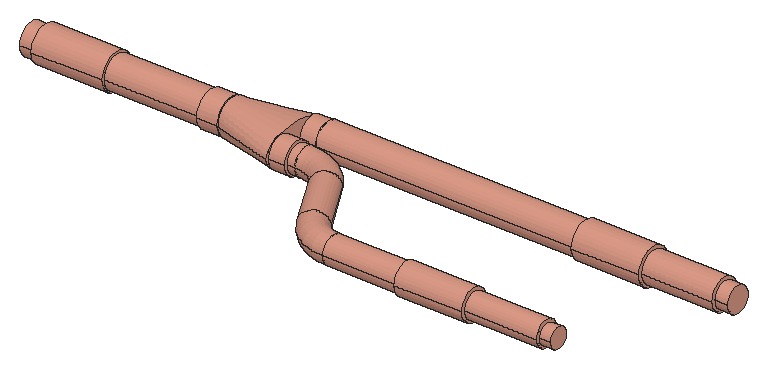
Revit family "outputfile", category 配管付属品, Revit 2024
Family settings
  丸型コネクタ寸法 = 半径を使用
  パーツ タイプ = 標準
  OmniClass 番号 = 23.65.55.00
  OmniClass タイトル = Distribution of Supplied Liquids/Gases
  作業面ベース = いいえ
  常に垂直 = はい
  ロード時にボイドで切り取り = いいえ
  共有 = いいえ
Parameters (values of type "KHRP25A33T")
  Description = ""
  製造元 = "Daikin"
  書き出し IFC クラス(タイプ) = "IfcPipeFittingType"
  定義済み IFC タイプ(タイプ) = "JUNCTION"
  Cost = 0
  Type Comments = ""
  Keynote = ""
  Type Image = (empty or 0)
  Assembly Code = ""
  mm⇔inch [instance] = yes
  Default Elevation = 0.0 mm
  モデル = "KHRP25A33T"
  table_StraightPipe [instance] = if(mm⇔inch, "Refnet Joint_KHRP25A-T_HPLPGas_StraightPipe", "Refnet Joint_KHRP25A-T_HPLPGas_StraightPipe_inch")  # "Refnet Joint_KHRP25A-T_HPLPGas_StraightPipe"
  table_BranchPipe [instance] = if(mm⇔inch, "Refnet Joint_KHRP25A-T_HPLPGas_BranchPipe", "Refnet Joint_KHRP25A-T_HPLPGas_BranchPipe_inch")  # "Refnet Joint_KHRP25A-T_HPLPGas_BranchPipe"
  table_Inlet [instance] = if(mm⇔inch, "Refnet Joint_KHRP25A-T_HPLPGas_Inlet", "Refnet Joint_KHRP25A-T_HPLPGas_Inlet_inch")  # "Refnet Joint_KHRP25A-T_HPLPGas_Inlet"
  switch_StraightPipe_Reducer [instance] = if(Is_StraightPipe Reducer = 1, 1 = 1, 1 = 0)  # no
  switch_StraightPipe3 [instance] = if(number_StraightPipe = 3, 1 = 1, 1 = 0)  # yes
  switch_StraightPipe2 [instance] = if(number_StraightPipe < 2, 1 = 0, 1 = 1)  # yes
  switch_BranchPipe_Reducer [instance] = if(Is_BranchPipe Reducer = 1, 1 = 1, 1 = 0)  # no
  switch_BranchPipe3 [instance] = if(number_BranchPipe = 3, 1 = 1, 1 = 0)  # yes
  switch_BranchPipe2 [instance] = if(number_BranchPipe < 2, 1 = 0, 1 = 1)  # yes
  switch_Inlet pipe_Reducer [instance] = if(Is_Inlet Reducer = 1, 1 = 1, 1 = 0)  # no
  switch_Inlet pipe3 [instance] = if(number_InletPipe = 3, 1 = 1, 1 = 0)  # no
  switch_Inlet pipe2 [instance] = if(number_InletPipe < 2, 1 = 0, 1 = 1)  # yes
  Uniclass2015Version = "Products v1.31"
  Uniclass2015Title = "Copper pipe fittings"
  Uniclass2015Code = "Pr_65_52_63_18"
  URL = ""
  StraightPipe_HP/LP Gas_ActualDiameter [instance] = 12.7 mm
  Material_Piping = DAIKIN_Copper_Pipe
  Material_Insulation = DAIKIN_White_Insulation
  lw_Insulation [instance] = size_lookup(table_Inlet, "lw_Insulation", 60.0 mm, モデル)  # 54.5 mm
  Unit Type = "KHRP25A-T_HPLPGas"
  Tag No. [instance] = ""
  StraightPipe_HP/LP Gas_Status [instance] = size_lookup(table_StraightPipe, "Information", "The connected pipe size is not available.", モデル, [StraightPipe_HP/LP Gas_ActualDiameter])  # "Default connector size is used."
  Link_Nested Family [instance] = ""
  Inlet_HP/LP Gas_Actual Diameter [instance] = 15.9 mm
  IfcVersion = ""
  IfcExportType = "JUNCTION"
  IfcExportAs = "IfcPipeFittingType"
  BranchPipe_HP/LP Gas_Status [instance] = size_lookup(table_BranchPipe, "Information", "The connected pipe size is not available.", モデル, [BranchPipe_HP/LP Gas_ActualDiameter])  # "Default connector size is used."
  Inlet_HP/LP Gas_Status [instance] = size_lookup(table_Inlet, "Information", "The connected pipe size is not available.", モデル, [Inlet_HP/LP Gas_Actual Diameter])  # "Default connector size is used."
  Series = "Refnet Joint"
  O.R_dividePipe_Inlet [instance] = (I.D_InletPipe1 + 2.0 mm) / 2  # 10.55 mm
  r_StraightPipe_Connector [instance] = [StraightPipe_HP/LP Gas_ActualDiameter] / 2  # 6.35 mm
  r_BranchPipe_Connector [instance] = [BranchPipe_HP/LP Gas_ActualDiameter] / 2  # 4.75 mm
  r_Inlet_Connector [instance] = [Inlet_HP/LP Gas_Actual Diameter] / 2  # 7.95 mm
  number_StraightPipe [instance] = size_lookup(table_StraightPipe, "pipeNumber", 3, モデル, [StraightPipe_HP/LP Gas_ActualDiameter])  # 3
  number_BranchPipe [instance] = size_lookup(table_BranchPipe, "pipeNumber", 2, モデル, [BranchPipe_HP/LP Gas_ActualDiameter])  # 3
  number_InletPipe [instance] = size_lookup(table_Inlet, "pipeNumber", 2, モデル, [Inlet_HP/LP Gas_Actual Diameter])  # 2
  r_BranchPipeR [instance] = size_lookup(table_BranchPipe, "r_offsetPipeR", 20.0 mm, モデル, [BranchPipe_HP/LP Gas_ActualDiameter])  # 25.0 mm
  l_BranchPipe_Straight2 [instance] = size_lookup(table_BranchPipe, "L_offsetPipe2", 40.0 mm, モデル)  # 43.0 mm
  l_BranchPipe_Straight1 [instance] = size_lookup(table_BranchPipe, "L_offsetPipe1", 5.5 mm, モデル)  # 5.0 mm
  l_BranchPipe connector [instance] = size_lookup(table_BranchPipe, "Length", 165.0 mm, モデル, [BranchPipe_HP/LP Gas_ActualDiameter])  # 210.0 mm
  l_inlet connector [instance] = size_lookup(table_Inlet, "Length", 97.0 mm, モデル, [Inlet_HP/LP Gas_Actual Diameter])  # 118.0 mm
  l_dividePipe [instance] = size_lookup(table_Inlet, "L_devidePipe", 38.0 mm, モデル)  # 38.0 mm
  l_StraightPipeReducer [instance] = size_lookup(table_StraightPipe, "L_Reducer", 100.0 mm, モデル, [StraightPipe_HP/LP Gas_ActualDiameter])  # 100.0 mm
  l_StraightPipe3 [instance] = size_lookup(table_StraightPipe, "L_Pipe3", 8.0 mm, モデル)  # 8.0 mm
  l_StraightPipe2 [instance] = size_lookup(table_StraightPipe, "L_Pipe2", 42.0 mm, モデル)  # 42.0 mm
  l_StraightPipe1 [instance] = size_lookup(table_StraightPipe, "L_Pipe1", 40.0 mm, モデル)  # 40.0 mm
  l_StraightPipe0 [instance] = size_lookup(table_StraightPipe, "L_Pipe0", 105.0 mm, モデル)  # 152.0 mm
  l_StraightPipe connector [instance] = size_lookup(table_StraightPipe, "Length", 205.0 mm, モデル, [StraightPipe_HP/LP Gas_ActualDiameter])  # 252.0 mm
  l_BranchPipe Reducer [instance] = size_lookup(table_BranchPipe, "L_Reducer", 80.0 mm, モデル, [BranchPipe_HP/LP Gas_ActualDiameter])  # 80.0 mm
  l_BranchPipe3 [instance] = size_lookup(table_BranchPipe, "L_Pipe3", 2.0 mm, モデル)  # 7.0 mm
  l_BranchPipe2 [instance] = size_lookup(table_BranchPipe, "L_Pipe2", 7.0 mm, モデル)  # 43.0 mm
  l_BranchPipe1 [instance] = size_lookup(table_BranchPipe, "L_Pipe1", 43.0 mm, モデル)  # 40.0 mm
  l_BranchPipe0 [instance] = size_lookup(table_BranchPipe, "L_Pipe0", 105.0 mm, モデル)  # 110.0 mm
  l_InletReducer [instance] = size_lookup(table_Inlet, "L_Reducer", 60.0 mm, モデル, [Inlet_HP/LP Gas_Actual Diameter])  # 60.0 mm
  l_InletPipe3 [instance] = size_lookup(table_Inlet, "L_Pipe3", 2.0 mm, モデル)  # 2.0 mm
  l_InletPipe2 [instance] = size_lookup(table_Inlet, "L_Pipe2", 8.0 mm, モデル)  # 8.0 mm
  l_InletPipe1 [instance] = size_lookup(table_Inlet, "L_Pipe1", 42.0 mm, モデル)  # 42.0 mm
  l_InletPipe0 [instance] = size_lookup(table_Inlet, "L_Pipe0", 35.0 mm, モデル)  # 56.0 mm
  center_StraightPipe [instance] = size_lookup(table_StraightPipe, "center_Pipe", 8.5 mm, モデル)  # 11.5 mm
  center_BranchPipe2 [instance] = size_lookup(table_BranchPipe, "center_OffsetPipe", 71.5 mm, モデル)  # 68.5 mm
  center_BranchPipe1 [instance] = size_lookup(table_BranchPipe, "center_Pipe", 8.5 mm, モデル)  # 11.5 mm
  StraightPipe_HP/LP Gas_AvailableDiameter [instance] = size_lookup(table_StraightPipe, "sizeVariation", "", モデル)  # "12.7/15.9/19.1mm"
  BranchPipe_HP/LP Gas_AvailableDiameter [instance] = size_lookup(table_BranchPipe, "sizeVariation", "", モデル)  # "9.5/12.7/15.9mm"
  Inlet_HP/LP Gas_Available Diameter [instance] = size_lookup(table_Inlet, "sizeVariation", "", モデル)  # "15.9/19.1mm"
  O.D_StraightPipe Reducer [instance] = size_lookup(table_StraightPipe, "O.D_reducer", 2.0 mm, モデル, [StraightPipe_HP/LP Gas_ActualDiameter])  # 2.0 mm
  O.D_Offset Outlet Reducer [instance] = size_lookup(table_BranchPipe, "O.D_reducer", 2.0 mm, モデル, [BranchPipe_HP/LP Gas_ActualDiameter])  # 2.0 mm
  O.D_Inlet Reducer [instance] = size_lookup(table_Inlet, "O.D_reducer", 2.0 mm, モデル, [Inlet_HP/LP Gas_Actual Diameter])  # 2.0 mm
  Is_StraightPipe Reducer [instance] = size_lookup(table_StraightPipe, "IsReducer", 0, モデル, [StraightPipe_HP/LP Gas_ActualDiameter])  # 0
  Is_BranchPipe Reducer [instance] = size_lookup(table_BranchPipe, "IsReducer", 0, モデル, [BranchPipe_HP/LP Gas_ActualDiameter])  # 0
  Is_Inlet Reducer [instance] = size_lookup(table_Inlet, "IsReducer", 0, モデル, [Inlet_HP/LP Gas_Actual Diameter])  # 0
  BranchPipe_HP/LP Gas_ActualDiameter [instance] = 9.5 mm
  Attach_Insulation [instance] = no
  I.D_StraightPipe3 [instance] = size_lookup(table_StraightPipe, "I.D_PipeSize3", 9.5 mm, モデル)  # 12.7 mm
  I.D_StraightPipe2 [instance] = size_lookup(table_StraightPipe, "I.D_PipeSize2", 12.7 mm, モデル)  # 15.9 mm
  I.D_StraightPipe1 [instance] = size_lookup(table_StraightPipe, "I.D_PipeSize1", 15.9 mm, モデル)  # 19.1 mm
  I.D_StraightPipe0 [instance] = size_lookup(table_StraightPipe, "I.D_PipeSize0", 13.9 mm, モデル)  # 17.1 mm
  I.D_BranchPipe3 [instance] = size_lookup(table_BranchPipe, "I.D_PipeSize3", 2.0 mm, モデル)  # 9.5 mm
  I.D_BranchPipe2 [instance] = size_lookup(table_BranchPipe, "I.D_PipeSize2", 9.5 mm, モデル)  # 12.7 mm
  I.D_BranchPipe1 [instance] = size_lookup(table_BranchPipe, "I.D_PipeSize1", 12.7 mm, モデル)  # 15.9 mm
  I.D_BranchPipe0 [instance] = size_lookup(table_BranchPipe, "I.D_PipeSize0", 10.7 mm, モデル)  # 13.9 mm
  I.D_Straight Reducer [instance] = size_lookup(table_StraightPipe, "I.D_reducer", 2.0 mm, モデル, [StraightPipe_HP/LP Gas_ActualDiameter])  # 2.0 mm
  I.D_OutletPipe [instance] = size_lookup(table_Inlet, "I.D_OutletPipeSize", 13.3 mm, モデル, [Inlet_HP/LP Gas_Actual Diameter])  # 16.3 mm
  I.D_Branch Reducer [instance] = size_lookup(table_BranchPipe, "I.D_reducer", 2.0 mm, モデル, [BranchPipe_HP/LP Gas_ActualDiameter])  # 2.0 mm
  I.D_Inlet Reducer [instance] = size_lookup(table_Inlet, "I.D_reducer", 2.0 mm, モデル, [Inlet_HP/LP Gas_Actual Diameter])  # 2.0 mm
  I.D_InletPipe3 [instance] = size_lookup(table_Inlet, "I.D_PipeSize3", 2.0 mm, モデル)  # 2.0 mm
  I.D_InletPipe2 [instance] = size_lookup(table_Inlet, "I.D_PipeSize2", 12.7 mm, モデル)  # 15.9 mm
  I.D_InletPipe1 [instance] = size_lookup(table_Inlet, "I.D_PipeSize1", 15.9 mm, モデル)  # 19.1 mm
  I.D_InletPipe0 [instance] = size_lookup(table_Inlet, "I.D_PipeSize0", 13.9 mm, モデル)  # 17.1 mm
Reference planes
  plane 1 "Center (Front/Back)": y = 0
  plane 2: z = 0
  plane 3 "base_left": x = 0
  plane 4: x = 2
  plane 5: x = 10
  plane 6: x = 52
  plane 7: x = 108
  plane 8: x = 120
  plane 9: x = 158
  plane 10: x = 168
  plane 11 "center_straight outlet": y = 11.5
  plane 12 "center2_offset outlet": y = -68.5
  plane 13 "center1_offset outlet": y = -11.5
  plane 14: x = 320
  plane 15: x = 360
  plane 16: x = 402
  plane 17: x = 278
  plane 18: x = 318
  plane 19: x = 361
  plane 20: x = 410
  plane 21: x = 368
  plane 22 "Reducer_straightoutlet": x = 368
  plane 23: x = 410
  plane 24: y = -22.05
  plane 25: z = 10.55
  plane 26 "Inlet_connector": x = 2
  plane 27 "Left_Insulation": x = 65.5
Forms (mm)
  SweptBlend 1, solid, material "DAIKIN_Copper_Pipe" <- "Material_Piping"
    path origin (0, 0, 0) x (1, 0, 0) y (0, 1, 0)
      loop
        line (120, 0) -> (158, 0)
    profile origin (120, 0, 0) x (0, 1, 0) y (0, 0, 1)
      loop
        circle (0, 0) r 10.55
    end profile origin (158, 0, 0) x (0, 1, 0) y (0, 0, 1)
      loop
        spline (-22.05, 0) -> (-21.299, -2.731) -> (-19.096, -5.275) -> (-15.592, -7.46) -> (-11.025, -9.137) -> (-5.707, -10.191) -> (0, -10.55) -> (5.707, -10.191) -> (11.025, -9.137) -> (15.592, -7.46) -> (19.096, -5.275) -> (21.299, -2.731) -> (22.05, 0)
        spline (22.05, 0) -> (21.299, 2.731) -> (19.096, 5.275) -> (15.592, 7.46) -> (11.025, 9.137) -> (5.707, 10.191) -> (0, 10.55) -> (-5.707, 10.191) -> (-11.025, 9.137) -> (-15.592, 7.46) -> (-19.096, 5.275) -> (-21.299, 2.731) -> (-22.05, 0)
Dimensions and locks
  "l_InletPipe3": plane 3 "base_left" to plane 4
  "l_InletPipe2": plane 4 to plane 5
  "l_InletPipe1": plane 5 to plane 6
  "l_InletPipe0": plane 6 to plane 7
  locked: plane 7 to plane 8 at 12
  "center_StraightPipe": plane 1 "Center (Front/Back)" to plane 11 "center_straight outlet"
  "center_BranchPipe2": plane 12 "center2_offset outlet" to plane 1 "Center (Front/Back)"
  "center_BranchPipe1": plane 13 "center1_offset outlet" to plane 1 "Center (Front/Back)"
  "l_dividePipe": plane 8 to plane 9
  plane 9 to plane 10 = 10.0 mm
  "l_StraightPipe0": plane 10 to plane 14
  "l_BranchPipe0": plane 10 to plane 17
  "l_BranchPipe1": plane 17 to plane 18
  "l_BranchPipe2": plane 18 to plane 19
  "l_StraightPipe1": plane 14 to plane 15
  "l_StraightPipe2": plane 15 to plane 16
  "l_StraightPipe3": plane 16 to plane 20
  "l_BranchPipe3": plane 19 to plane 21
  "l_BranchPipe connector": plane 9 to plane 22 "Reducer_straightoutlet"
  "l_StraightPipe connector": plane 9 to plane 23
  "O.R_dividePipe_Inlet": plane 24 to plane 13 "center1_offset outlet"
  "O.R_dividePipe_Inlet": plane 25 to plane 2
  "l_inlet connector": plane 26 "Inlet_connector" to plane 8
  "lw_Insulation": plane 27 "Left_Insulation" to plane 8
  "O.R_dividePipe_Inlet": radius of SweptBlend 1 sketch curve
  aligned and locked: level to plane 2
  aligned and locked: plane 2 to nested 1
  aligned and locked: plane 3 "base_left" to nested 1
  aligned and locked: plane 1 "Center (Front/Back)" to nested 1
  aligned and locked: plane 4 to nested 2
  aligned and locked: plane 1 "Center (Front/Back)" to nested 2
  aligned and locked: plane 5 to nested 2
  aligned and locked: plane 5 to nested 3
  aligned and locked: plane 6 to nested 3
  aligned and locked: plane 6 to nested 4
  aligned and locked: nested 4 to plane 7
  aligned and locked: nested 5 to plane 7
  aligned and locked: nested 5 to plane 8
  aligned and locked: plane 8 to SweptBlend 1 sketch curve
  aligned and locked: plane 9 to SweptBlend 1 sketch curve
  aligned and locked: plane 2 to SweptBlend 1 sketch curve  (x2)
  aligned and locked: plane 1 "Center (Front/Back)" to SweptBlend 1 sketch curve  (x2)
  aligned and locked: nested 6 to plane 9
  aligned and locked: nested 7 to plane 9
  aligned and locked: nested 6 to plane 11 "center_straight outlet"
  aligned and locked: nested 7 to plane 13 "center1_offset outlet"
  aligned and locked: nested 7 to plane 10
  aligned and locked: nested 6 to plane 10
  aligned and locked: nested 8 to plane 10
  aligned and locked: plane 14 to nested 8
  aligned and locked: nested 8 to plane 11 "center_straight outlet"
  aligned and locked: plane 14 to nested 9
  aligned and locked: nested 9 to plane 11 "center_straight outlet"
  aligned and locked: plane 15 to nested 9
  aligned and locked: nested 10 to plane 11 "center_straight outlet"
  aligned and locked: plane 15 to nested 10
  aligned and locked: plane 16 to nested 10
  aligned and locked: nested 11 to plane 12 "center2_offset outlet"
  aligned and locked: plane 17 to nested 11
  aligned and locked: plane 18 to nested 11
  aligned and locked: nested 12 to plane 12 "center2_offset outlet"
  aligned and locked: plane 18 to nested 12
  aligned and locked: plane 19 to nested 12
  aligned and locked: nested 13 to plane 10
  aligned and locked: nested 13 to plane 13 "center1_offset outlet"
  aligned and locked: nested 13 to plane 12 "center2_offset outlet"
  aligned and locked: plane 8 to nested 14
  aligned and locked: plane 1 "Center (Front/Back)" to nested 14
  aligned and locked: plane 11 "center_straight outlet" to nested 15
  aligned and locked: nested 15 to plane 9
  aligned and locked: nested 16 to plane 9
  aligned and locked: plane 12 "center2_offset outlet" to nested 16
  aligned and locked: nested 17 to plane 1 "Center (Front/Back)"
  aligned and locked: plane 16 to nested 18
  aligned and locked: plane 20 to nested 18
  aligned and locked: plane 19 to nested 19
  aligned and locked: plane 21 to nested 19
  aligned and locked: nested 20 to plane 12 "center2_offset outlet"
  aligned and locked: plane 23 to nested 21
  aligned and locked: nested 21 to plane 11 "center_straight outlet"
  aligned and locked: plane 4 to nested 1
  aligned and locked: plane 24 to SweptBlend 1 sketch curve
  aligned and locked: plane 25 to SweptBlend 1 sketch curve
  aligned and locked: nested 19 to plane 12 "center2_offset outlet"
  aligned and locked: nested 18 to plane 11 "center_straight outlet"
  aligned and locked: nested 17 to plane 26 "Inlet_connector"
  aligned and locked: plane 22 "Reducer_straightoutlet" to nested 20
  aligned and locked: plane 27 "Left_Insulation" to nested 22
  aligned and locked: plane 1 "Center (Front/Back)" to nested 22
Automatic sketch dimensions
  plane 1 "Center (Front/Back)" to SweptBlend 1 sketch curve = 0.0 mm
Nested families
  nested 1: "daikin_Pipe" at (1, 0, 0), I.D_Pipe <- "I.D_InletPipe3", display <- "switch_Inlet pipe3", type "*"
    with length_Pipe 2.0 mm, display no, O.D_Pipe 4.0 mm, I.D_Pipe 2.0 mm
  nested 2: "daikin_Pipe" at (6, 0, 0), I.D_Pipe <- "I.D_InletPipe2", display <- "switch_Inlet pipe2", type "*"
    with length_Pipe 8.0 mm, display yes, O.D_Pipe 17.9 mm, I.D_Pipe 15.9 mm
  nested 3: "daikin_Pipe" at (31, 0, 0), I.D_Pipe <- "I.D_InletPipe1", type "*"
    with length_Pipe 42.0 mm, display yes, O.D_Pipe 21.1 mm, I.D_Pipe 19.1 mm
  nested 4: "daikin_Pipe" at (80, 0, 0), I.D_Pipe <- "I.D_InletPipe0", type "*"
    with length_Pipe 56.0 mm, display yes, O.D_Pipe 19.1 mm, I.D_Pipe 17.1 mm
  nested 5: "daikin_Pipe" at (114, 0, 0), I.D_Pipe <- "I.D_InletPipe1", type "*"
    with length_Pipe 12.0 mm, display yes, O.D_Pipe 21.1 mm, I.D_Pipe 19.1 mm
  nested 6: "daikin_Pipe" at (163, 11.5, 0), I.D_Pipe <- "I.D_OutletPipe", type "*"
    with length_Pipe 10.0 mm, display yes, O.D_Pipe 18.3 mm, I.D_Pipe 16.3 mm
  nested 7: "daikin_Pipe" at (163, -11.5, 0), I.D_Pipe <- "I.D_OutletPipe", type "*"
    with length_Pipe 10.0 mm, display yes, O.D_Pipe 18.3 mm, I.D_Pipe 16.3 mm
  nested 8: "daikin_Pipe" at (244, 11.5, 0), I.D_Pipe <- "I.D_StraightPipe0", type "*"
    with length_Pipe 152.0 mm, display yes, O.D_Pipe 19.1 mm, I.D_Pipe 17.1 mm
  nested 9: "daikin_Pipe" at (340, 11.5, 0), I.D_Pipe <- "I.D_StraightPipe1", type "*"
    with length_Pipe 40.0 mm, display yes, O.D_Pipe 21.1 mm, I.D_Pipe 19.1 mm
  nested 10: "daikin_Pipe" at (381, 11.5, 0), I.D_Pipe <- "I.D_StraightPipe2", display <- "switch_StraightPipe2", type "*"
    with length_Pipe 42.0 mm, display yes, O.D_Pipe 17.9 mm, I.D_Pipe 15.9 mm
  nested 11: "daikin_Pipe" at (298, -68.5, 0), I.D_Pipe <- "I.D_BranchPipe1", type "*"
    with length_Pipe 40.0 mm, display yes, O.D_Pipe 17.9 mm, I.D_Pipe 15.9 mm
  nested 12: "daikin_Pipe" at (339.5, -68.5, 0), I.D_Pipe <- "I.D_BranchPipe2", display <- "switch_BranchPipe2", type "*"
    with length_Pipe 43.0 mm, display yes, O.D_Pipe 14.7 mm, I.D_Pipe 12.7 mm
  nested 13: "daikin_Pipe Ofsset" at (168, -11.5, 0), I.D_Pipe size <- "I.D_BranchPipe0", length_straight pipe1 <- "l_BranchPipe_Straight1", length_straight pipe2 <- "l_BranchPipe_Straight2", r_Pipe R <- "r_BranchPipeR", length_Pipe <- "l_BranchPipe0", type "*"
    with r_Pipe R 25.0 mm, length_straight pipe2 43.0 mm, length_straight pipe1 5.0 mm, length_offset center 57.0 mm, length_Pipe 110.0 mm, O.D_Pipe size 15.9 mm, I.D_Pipe size 13.9 mm
  nested 14: "daikin_connector_rotate2" at (120, 0, 0) x (0, -1, 0) z (0, 0, 1), length <- "l_inlet connector", type "daikin_connector_rotate2"
    with radius 5.0 mm, length 118.0 mm, angle_vertical 90.00°, locaton_mark no
  nested 15: "daikin_connector_rotate2" at (158, 11.5, 0) x (0, 1, 0) z (0, 0, 1), length <- "l_StraightPipe connector", type "daikin_connector_rotate2"
    with radius 5.0 mm, length 252.0 mm, angle_vertical 90.00°, locaton_mark no
  nested 16: "daikin_connector_rotate2" at (158, -68.5, 0) x (0, 1, 0) z (0, 0, 1), length <- "l_BranchPipe connector", type "daikin_connector_rotate2"
    with radius 5.0 mm, length 210.0 mm, angle_vertical 90.00°, locaton_mark no
  nested 17: "daikin_Pipe_reducer" at (32, 0, 0) x (-1, 0, 0) z (0, 0, 1), display <- "switch_Inlet pipe_Reducer", length_Pipe <- "l_InletReducer", I.D_Pipe1 <- "I.D_Inlet Reducer", O.D_Pipe2 <- "O.D_Inlet Reducer", type "*"
    with length_Pipe 60.0 mm, display no, O.D_Pipe2 2.0 mm, O.D_Pipe1 4.0 mm, I.D_Pipe2 0.0 mm, I.D_Pipe1 2.0 mm
  nested 18: "daikin_Pipe" at (406, 11.5, 0), I.D_Pipe <- "I.D_StraightPipe3", display <- "switch_StraightPipe3", type "*"
    with length_Pipe 8.0 mm, display yes, O.D_Pipe 14.7 mm, I.D_Pipe 12.7 mm
  nested 19: "daikin_Pipe" at (364.5, -68.5, 0), I.D_Pipe <- "I.D_BranchPipe3", display <- "switch_BranchPipe3", type "*"
    with length_Pipe 7.0 mm, display yes, O.D_Pipe 11.5 mm, I.D_Pipe 9.5 mm
  nested 20: "daikin_Pipe_reducer" at (328, -68.5, 0), I.D_Pipe1 <- "I.D_Branch Reducer", O.D_Pipe2 <- "O.D_Offset Outlet Reducer", length_Pipe <- "l_BranchPipe Reducer", display <- "switch_BranchPipe_Reducer", type "*"
    with length_Pipe 80.0 mm, display no, O.D_Pipe2 2.0 mm, O.D_Pipe1 4.0 mm, I.D_Pipe2 0.0 mm, I.D_Pipe1 2.0 mm
  nested 21: "daikin_Pipe_reducer" at (360, 11.5, 0), I.D_Pipe1 <- "I.D_Straight Reducer", O.D_Pipe2 <- "O.D_StraightPipe Reducer", length_Pipe <- "l_StraightPipeReducer", display <- "switch_StraightPipe_Reducer", type "*"
    with length_Pipe 100.0 mm, display no, O.D_Pipe2 2.0 mm, O.D_Pipe1 4.0 mm, I.D_Pipe2 0.0 mm, I.D_Pipe1 2.0 mm
  nested 22: "daikin_Insulation_RefnetJoint" at (65.5, 0, 0), I.D_Outlet PipeSize <- "I.D_OutletPipe", type "*"
    with h 48.3 mm, I.D_Outlet PipeSize 16.3 mm, h_Insulation 203.2 mm, d_Insulation3_3 69.5 mm, d_Insulation1_1 27.5 mm, w_Insulation4 65.6 mm, w_Insulation3 38.9 mm, w_Insulation2 75.0 mm, w_Insulation1 35.0 mm, d_Insulation1 27.5 mm
Connectors
  piping at (2, 0, 0), diameter 15.9, driven by "r_Inlet_Connector"
    settings: on nested 14, index 1, connector inside diameter 609.6 mm, connector length 0.0 mm, flow factor 0, pipe flow 0.00 m³/h, pressure drop 0.0 Pa, fitting loss kfactor 0, connector angle 0.00°, fixture units 0, engagement length 0.0 mm, angle of deflection 0.00°, flow configuration 0, flow direction 0, fitting loss method 0, system type 29, joint type 0, gender type 0, connector reference index -1, connector utility 0, adjustable connector no, is connector primary yes, connector description "Refnet Joint_Inlet_HP/LP Gas"
  piping at (368, -68.5, 0), diameter 9.5, driven by "r_BranchPipe_Connector"
    settings: on nested 16, index 2, connector inside diameter 609.6 mm, connector length 0.0 mm, flow factor 0, pipe flow 0.00 m³/h, pressure drop 0.0 Pa, fitting loss kfactor 0, connector angle 0.00°, fixture units 0, engagement length 0.0 mm, angle of deflection 0.00°, flow configuration 0, flow direction 0, fitting loss method 0, system type 29, joint type 0, gender type 0, connector reference index -1, connector utility 0, adjustable connector no, is connector primary no, connector description "Refnet Joint_Outlet Branch_HP/LP Gas"
  piping at (410, 11.5, 0), diameter 12.7, driven by "r_StraightPipe_Connector"
    settings: on nested 15, index 3, connector inside diameter 609.6 mm, connector length 0.0 mm, flow factor 0, pipe flow 0.00 m³/h, pressure drop 0.0 Pa, fitting loss kfactor 0, connector angle 0.00°, fixture units 0, engagement length 0.0 mm, angle of deflection 0.00°, flow configuration 0, flow direction 0, fitting loss method 0, system type 29, joint type 0, gender type 0, connector reference index -1, connector utility 0, adjustable connector no, is connector primary no, connector description "Refnet Joint_Outlet Straight_HP/LP Gas"
Definition of nested family "daikin_Pipe"
  Parameters (values of type "*")
    Default Elevation = 0.0 mm
    material = none
    length_Pipe [instance] = 150.0 mm
    display [instance] = yes
    O.D_Pipe [instance] = I.D_Pipe + 2.0 mm  # 27.0 mm
    I.D_Pipe [instance] = 25.0 mm
  Reference planes
    plane 1 "Center (Front/Back)": y = 0
    plane 2 "center(vertical)": z = 0
    plane 3 "Center (Left/Right)": x = 0
    plane 4 "left": x = -75
    plane 5 "right": x = 75
  Forms (mm)
    Extrusion 1, solid, material <- "material", visible <- "display"
      sketch origin (0, 0, 0) x (0, 1, 0) y (0, 0, 1)
        loop
          circle (0, 0) r 13.5
      from -75 to 75
  Dimensions and locks
    equal spacing: plane 4 "left", plane 3 "Center (Left/Right)", plane 5 "right"
    "length_Pipe": plane 4 "left" to plane 5 "right"
    "O.D_Pipe": diameter of Extrusion 1 sketch curve
    aligned and locked: level to plane 2 "center(vertical)"
    aligned and locked: plane 2 "center(vertical)" to Extrusion 1 sketch curve
    aligned and locked: plane 1 "Center (Front/Back)" to Extrusion 1 sketch curve
    aligned and locked: plane 5 "right" to Extrusion 1
    aligned and locked: Extrusion 1 to plane 4 "left"
Definition of nested family "daikin_Pipe Ofsset"
  Parameters (values of type "*")
    Default Elevation = 0.0 mm
    r_Pipe R [instance] = 40.0 mm
    material = none
    length_straight pipe2 [instance] = 43.0 mm
    length_straight pipe1 [instance] = 5.0 mm
    length_offset center [instance] = 57.0 mm
    length_Pipe [instance] = 110.0 mm
    O.D_Pipe size [instance] = I.D_Pipe size + 2.0 mm  # 12.0 mm
    I.D_Pipe size [instance] = 10.0 mm
  Reference planes
    plane 1 "Center (Front/Back)": y = 0
    plane 2: z = 0
    plane 3 "Center (Left/Right)": x = 0
    plane 4: y = -57
    plane 5: x = 110
    plane 6: x = 67
    plane 7: x = 5
  Forms (mm)
    Sweep 1, solid, material <- "material"
      path origin (0, 0, 0) x (1, 0, 0) y (0, 1, 0)
        loop
          line (0, 0) -> (5, 0)
          arc (5, 0) -> (20.74, -3.227) -> (33.94, -12.387) r 40
          line (33.94, -12.387) -> (38.06, -44.613)
          arc (38.06, -44.613) -> (51.26, -53.773) -> (67, -57) r 40
          line (67, -57) -> (110, -57)
      profile origin (2.5, 0, 0) x (0, 1, 0) y (0, 0, 1)
        loop
          circle (0, 0) r 6
  Dimensions and locks
    "length_offset center": plane 4 to plane 1 "Center (Front/Back)"
    "length_straight pipe1": plane 3 "Center (Left/Right)" to plane 7
    "length_Pipe": plane 3 "Center (Left/Right)" to plane 5
    "length_straight pipe2": plane 6 to plane 5
    "O.D_Pipe size": diameter of Sweep 1 sketch curve
    "r_Pipe R": radius of Sweep 1 sketch curve  (x2)
    aligned and locked: level to plane 2
    aligned and locked: plane 1 "Center (Front/Back)" to Sweep 1 sketch curve
    aligned and locked: profile plane to Sweep 1 sketch curve
    aligned and locked: plane 5 to Sweep 1 sketch curve
    aligned and locked: plane 7 to Sweep 1 sketch curve
    aligned and locked: plane 6 to Sweep 1 sketch curve
  Automatic sketch dimensions
    plane 1 "Center (Front/Back)" to Sweep 1 sketch curve = 0.0 mm
    Sweep 1 sketch curve to plane 3 "Center (Left/Right)" = 0.0 mm
    plane 4 to Sweep 1 sketch curve = 0.0 mm
    plane 1 "Center (Front/Back)" to Sweep 1 sketch curve = 12.387 mm
    Sweep 1 sketch curve to plane 4 = 12.387 mm
Definition of nested family "daikin_connector_rotate2"
  Parameters (values of type "daikin_connector_rotate2")
    show_face = no
    radius [instance] = 10.0 mm
    locaton_mark = yes
    length [instance] = 600.0 mm
    d_surface = 10.0 mm
    angle_vertical [instance] = 90.00°
    Default Elevation = 0.0 mm
  Reference planes
    plane 1 "Center (Front/Back)": y = 0
    plane 2: z = 0
    plane 3 "Center (Left/Right)": x = 0
  Forms (mm)
    Extrusion 1, solid, visible <- "show_face"
      sketch origin (0, -600, 0) x (1, 0, 0) y (0, 0, 1)
        loop
          circle (0, 0) r 10
      from 0 to -10
  Lines and regions (mm)
    reference lines
      curve 1: line (0, 0, 0) -> (0, -600, 0)
    symbolic lines, visible <- "locaton_mark"
      curve 2: circle (0, 0, 0) r 5 normal (0, 0, 1)
    model lines, visible <- "show_face"
      curve 3: line (0, 0, 0) -> (0, -600, 0)
  Dimensions and locks
    "length": curve 1 to curve 1
    "length": curve 3 to curve 3
    "d_surface": Extrusion 1 to Extrusion 1
    "radius": radius of Extrusion 1 sketch curve
    "angle_vertical": angle curve 1 to plane 1 "Center (Front/Back)"
    "angle_vertical": angle curve 3 to plane 1 "Center (Front/Back)"
    aligned and locked: level to plane 2
    aligned and locked: plane 1 "Center (Front/Back)" to curve 1
    aligned and locked: plane 2 to curve 1
    aligned and locked: plane 1 "Center (Front/Back)" to curve 2
    aligned and locked: plane 3 "Center (Left/Right)" to curve 2
    aligned and locked: plane 1 "Center (Front/Back)" to curve 3
    aligned and locked: plane 2 to curve 3
    aligned and locked: Extrusion 1 to Extrusion 1
  Automatic sketch dimensions
    Extrusion 1 sketch curve to level = 0.0 mm
    Extrusion 1 sketch curve to plane 3 "Center (Left/Right)" = 0.0 mm
    radius of curve 2 = 5.0 mm
Definition of nested family "daikin_Pipe_reducer"
  Parameters (values of type "*")
    Default Elevation = 0.0 mm
    material = none
    length_Pipe [instance] = 250.0 mm
    display [instance] = yes
    O.D_Pipe2 [instance] = 19.1 mm
    O.D_Pipe1 [instance] = I.D_Pipe1 + 2.0 mm  # 24.2 mm
    I.D_Pipe2 [instance] = O.D_Pipe2 - 2.0 mm  # 17.1 mm
    I.D_Pipe1 [instance] = 22.2 mm
  Reference planes
    plane 1 "Center (Front/Back)": y = 0
    plane 2 "center(vertical)": z = 0
    plane 3 "Center (Left/Right)": x = 0
    plane 4 "connection": x = -125
    plane 5 "right": x = 113
    plane 6: x = 125
  Forms (mm)
    Extrusion 1, solid, material <- "material", visible <- "display"
      sketch origin (0, 0, 0) x (0, 1, 0) y (0, 0, 1)
        loop
          circle (0, 0) r 9.55
      from -125 to 113
    Extrusion 2, solid, material <- "material", visible <- "display"
      sketch origin (0, 0, 0) x (0, 1, 0) y (0, 0, 1)
        loop
          circle (0, 0) r 12.1
      from 113 to 125
  Dimensions and locks
    locked: plane 5 "right" to plane 6 at 12
    "length_Pipe": plane 4 "connection" to plane 6
    equal spacing: plane 4 "connection", plane 3 "Center (Left/Right)", plane 6
    "O.D_Pipe2": diameter of Extrusion 1 sketch curve
    "O.D_Pipe1": diameter of Extrusion 2 sketch curve
    aligned and locked: level to plane 2 "center(vertical)"
    aligned and locked: plane 2 "center(vertical)" to Extrusion 1 sketch curve
    aligned and locked: plane 1 "Center (Front/Back)" to Extrusion 1 sketch curve
    aligned and locked: plane 5 "right" to Extrusion 1
    aligned and locked: Extrusion 1 to plane 4 "connection"
    aligned and locked: plane 2 "center(vertical)" to Extrusion 2 sketch curve
    aligned and locked: plane 1 "Center (Front/Back)" to Extrusion 2 sketch curve
    aligned and locked: Extrusion 2 to plane 5 "right"
    aligned and locked: plane 6 to Extrusion 2
Definition of nested family "daikin_Insulation_RefnetJoint"
  Parameters (values of type "*")
    r_Insulation = size_lookup(table_Insulation, "r_Insulation", 13.5 mm, Model)  # 13.5 mm
    h_Insulation = size_lookup(table_Insulation, "h_Insulation", 202.5 mm, Model)  # 202.5 mm
    d_Insulation3_3 = size_lookup(table_Insulation, "d_Insulation3_3", 68.0 mm, Model)  # 68.0 mm
    d_Insulation2_2 = size_lookup(table_Insulation, "d_Insulation2_2", 39.5 mm, Model)  # 39.5 mm
    d_Insulation1_1 = size_lookup(table_Insulation, "d_Insulation1_1", 28.0 mm, Model)  # 28.0 mm
    Default Elevation = 0.0 mm
    Model = "KHRP25A22T"
    w_Insulation5 = size_lookup(table_Insulation, "w_Insulation5", 212.0 mm, Model)  # 212.0 mm
    w_Insulation4 = size_lookup(table_Insulation, "w_Insulation4", 67.0 mm, Model)  # 67.0 mm
    w_Insulation3 = size_lookup(table_Insulation, "w_Insulation3", 34.7 mm, Model)  # 34.7 mm
    w_Insulation2 = size_lookup(table_Insulation, "w_Insulation2", 80.0 mm, Model)  # 80.0 mm
    w_Insulation1 = size_lookup(table_Insulation, "w_Insulation1", 22.0 mm, Model)  # 22.0 mm
    table_Insulation = "Refnet Joint_KHRP25A-T_HPLPGas_Insulation"  # constant formula
    material = none
    h [instance] = (I.D_Outlet PipeSize + 2.0 mm) + 30.0 mm  # 47.0 mm
    display = no
    d_Insulation3 = size_lookup(table_Insulation, "d_Insulation3", 63.5 mm, Model)  # 63.5 mm
    d_Insulation2 = size_lookup(table_Insulation, "d_Insulation2", 39.5 mm, Model)  # 39.5 mm
    d_Insulation1 = size_lookup(table_Insulation, "d_Insulation1", 28.0 mm, Model)  # 28.0 mm
    I.D_Outlet PipeSize [instance] = 15.0 mm
  Reference planes
    plane 1 "Center (Front/Back)": y = 0
    plane 2: z = 0
    plane 3 "Left": x = 0
    plane 4 "top": z = 23.5
    plane 5 "bottom": z = -23.5
    plane 6: x = 22
    plane 7: x = 80
    plane 8: y = 28
    plane 9: y = -28
    plane 10: y = 39.5
    plane 11: y = -39.5
    plane 12: y = -92
    plane 13: x = 212
    plane 14: y = -28.5
    plane 15: x = 114.7
    plane 16: x = 145
    plane 17: x = 202.5
  Forms (mm)
    Extrusion 1, solid, material <- "material", visible <- "display"
      sketch origin (0, 0, 0) x (1, 0, 0) y (0, 1, 0)
        loop
          line (22, 28) -> (0, 28) -> (0, -28) -> (22, -28) -> (80, -39.5) -> (114.7, -39.5) -> (145, -92) -> (212, -92) -> (212, -42) -> (202.5, -42)
          arc (202.5, -42) -> (189, -28.5) -> (202.5, -15) r 13.5
          line (202.5, -15) -> (212, -15) -> (212, 39.5) -> (80, 39.5) -> (22, 28)
      from -23.5 to 23.5
  Dimensions and locks
    equal spacing: plane 4 "top", plane 2, plane 5 "bottom"
    "h": plane 4 "top" to plane 5 "bottom"
    "w_Insulation1": plane 3 "Left" to plane 6
    "w_Insulation2": plane 3 "Left" to plane 7
    "w_Insulation5": plane 3 "Left" to plane 13
    "w_Insulation3": plane 7 to plane 15
    "w_Insulation4": plane 16 to plane 13
    "d_Insulation1": plane 1 "Center (Front/Back)" to plane 9
    "d_Insulation1_1": plane 8 to plane 1 "Center (Front/Back)"
    "d_Insulation2": plane 1 "Center (Front/Back)" to plane 11
    "d_Insulation2_2": plane 10 to plane 1 "Center (Front/Back)"
    "d_Insulation3_3": plane 10 to plane 14
    "d_Insulation3": plane 14 to plane 12
    "r_Insulation": Extrusion 1 sketch curve to plane 14
    "r_Insulation": plane 14 to Extrusion 1 sketch curve
    "h_Insulation": plane 3 "Left" to plane 17
    "r_Insulation": radius of Extrusion 1 sketch curve
    aligned and locked: level to plane 2
    aligned and locked: Extrusion 1 to plane 5 "bottom"
    aligned and locked: plane 4 "top" to Extrusion 1
    aligned and locked: plane 6 to Extrusion 1  (x2)
    aligned and locked: plane 7 to Extrusion 1  (x2)
    aligned and locked: plane 6 to Extrusion 1 sketch curve
    aligned and locked: plane 11 to Extrusion 1 sketch curve
    aligned and locked: plane 7 to Extrusion 1 sketch curve  (x2)
    aligned and locked: plane 10 to Extrusion 1 sketch curve
    aligned and locked: Extrusion 1 sketch curve to plane 12
    aligned and locked: Extrusion 1 sketch curve to plane 13  (x2)
    aligned and locked: plane 16 to Extrusion 1 sketch curve
    aligned and locked: plane 15 to Extrusion 1 sketch curve
    aligned and locked: plane 17 to Extrusion 1 sketch curve
  Automatic sketch dimensions
    Extrusion 1 sketch curve to plane 3 "Left" = 0.0 mm
    Extrusion 1 sketch curve to plane 6 = 0.0 mm
    Extrusion 1 sketch curve to plane 9 = 0.0 mm
    Extrusion 1 sketch curve to plane 8 = 0.0 mm
